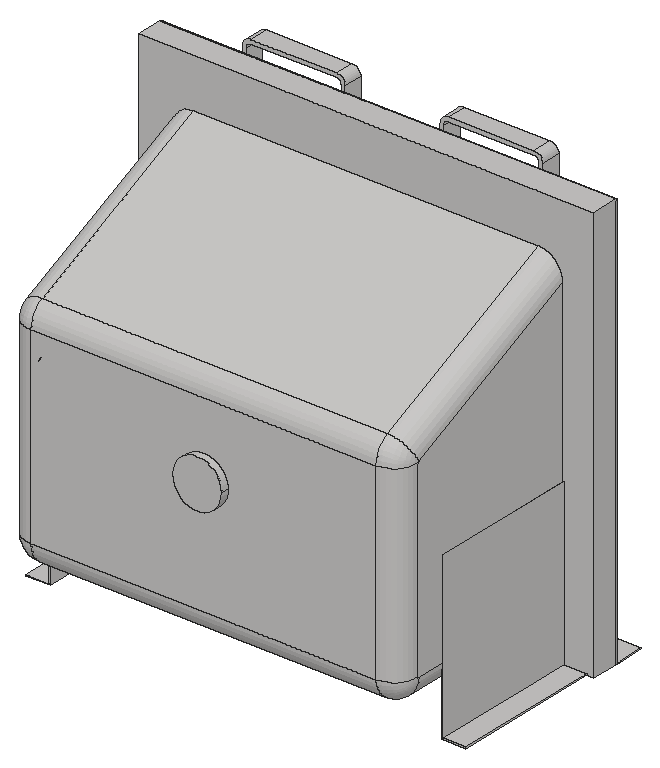
Revit family "PRD_AR_JntrlUnits_SiriusMultiPurposeSink_LTJ450,LTJ500", category Plumbing Fixtures, host Face, Revit 2018
Family settings
  Host = Face
  Round Connector Dimension = Use Diameter
  Part Type = Normal
  OmniClass Number = 23.45.05.14.14
  OmniClass Title = Sinks/Lavatories
  Cut with Voids When Loaded = No
  Shared = No
  Room Calculation Point = No
Parameters (values of type "LTJ450")
  WaterSupplyOverflowAndWasteHolesWaterSupply = "No tapholes"
  WaterSupplyOverflowAndWasteHolesWaste = "Center-Center"
  WaterSupplyOverflowAndWasteHolesOverflow = "Yes"
  WasteSize = 40.00 mm
  WarrantyStartDate [instance] = "1900-12-31T23:59:59"
  WarrantyGuarantorParts = "n/a"
  WarrantyGuarantorLabor = "n/a"
  WarrantyDurationUnit = "year"
  WarrantyDurationParts = "n/a"
  WarrantyDurationLabor = "n/a"
  WarrantyDescription = "n/a"
  Version = "1"
  Uniclass2015Version = "Products v1.10"
  Uniclass2015Title = "Janitorial sinks"
  Uniclass2015Code = "Pr_40_20_96_44"
  URL = "www.kwc.com"
  TypeOfSink = LTJ450 : LTJ450
  TagNumber [instance] = "n/a"
  SustainabilityPerformance = "n/a"
  Size = "470 x 430 x 270 mm"
  SinkType = "Other"
  SinkMounting = "WallHung"
  SinkMaterial = PRD_AR_StainlessSteel_SatinFinished
  Shape = "Rectangular"
  SerialNumber [instance] = "n/a"
  Revision = "n/a"
  ReplacementCost = "n/a"
  ProductInformation = "https://pim.kwc.com/product/2000057085/attachment/datasheet?locale=en"
  OutletSize = "DN 40 (1 1/2 inch.)"
  Options = "n/a"
  NominalWidth = 470 mm
  NominalHeight = 270 mm
  NominalDepth = 430 mm
  NetWeight = 4.40 kg
  Name = "Sirius multi purpose sink LTJ450"
  NBSTypeID = "n/a"
  NBSReference = "45-35-70/401"
  NBSOfficeMasterTag = "n/a"
  NBSNote = "n/a"
  NBSDescription = "Janitorial units"
  NBSCertification = "n/a"
  ModelReference = "LTJ450"
  ModelNumber = "2000057085"
  Model = ModelReference  # "LTJ450"
  Material = "Stainless steel"
  ManufacturerURL = "www.kwc.com"
  ManufacturerName = "KWC Group AG"  # constant formula
  Manufacturer = ManufacturerName  # "KWC Group AG"
  IntegralAccessories = "incl. stainless steel screws and dowels"
  InstallationDate [instance] = "1900-12-31T23:59:59"
  IfcExportType = "SINK"
  IfcExportAs = "IfcSanitaryTerminalType"
  HingedGrateZSIRX001 = yes
  GrossWeight = 5.10 kg
  Grade = "n/a"
  Form = "Stainless steel multi purpose sink"
  FinishAndMaterial = "Stainless steel 1.4301"
  Finish = "Satin finished"
  Features = "stainless steel, 0.90 mm, satin finished, wall mounting, 470x270x430 mm (WxHxD)"
  ExpectedLife = "n/a"
  DurationUnit = "year"
  DrainSize = "DN 40 (1 1/2 inch.)"
  Description = "General purpose utility sink for wall mounting, stainless steel, surface satin finished, material thickness 0.9 mm, front panel with riffle, 1 1/2 centric plug waste, with overflow, 30 mm rear upstand, prewelded mounting brackets, incl. stainless steel screws and dowels. Optinally available hinged grid Z-SIRX001: loosely attached - for side mount."
  Default Elevation = 850 mm
  CreateOn = "11/2018"  # constant formula
  Constituents = "n/a"
  ConnectingDimensions = "n/a"
  Color = "Stainless steel"
  CodePerformance = "n/a"
  Category = "Pr_40_20_96_44, Janitorial sinks"
  BarCode [instance] = "n/a"
  BIMObjectName = "PRD_AR_JanitorialUnits_SiriusMultiPurposeSink_LTJ450"
  Author = "Archispace"  # constant formula
  AssetType = "Fixed"
  AssetIdentifier [instance] = "n/a"
  AccessibilityPerformance = "n/a"
Types (2, lengths in mm): name | TypeOfSink | Size | ProductInformation | NominalWidth | NominalDepth | NetWeight | Name | ModelReference | ModelNumber | Model | HingedGrateZSIRX001 | GrossWeight | Features | Description | BIMObjectName
  LTJ450 | LTJ450 : LTJ450 | "470 x 430 x 270 mm" | "https://pim.kwc.com/product/2000057085/attachment/datasheet?locale=en" | 470 | 430 | 4.40 kg | "Sirius multi purpose sink LTJ450" | "LTJ450" | "2000057085" | "LTJ450" | yes | 5.10 kg | "stainless steel, 0.90 mm, satin finished, wall mounting, 470x270x430 mm (WxHxD)" | "General purpose utility sink for wall mounting, stainless steel, surface satin finished, material thickness 0.9 mm, front panel with riffle, 1 1/2 centric plug waste, with overflow, 30 mm rear upstand, prewelded mounting brackets, incl. stainless steel screws and dowels. Optinally available hinged grid Z-SIRX001: loosely attached - for side mount." | "PRD_AR_JanitorialUnits_SiriusMultiPurposeSink_LTJ450"
  LTJ500 | LTJ500 : LTJ500 | "520 x 490 x 270 mm" | "https://pim.kwc.com/product/2000057087/attachment/datasheet?locale=en" | 520 | 490 | 4.90 kg | "Sirius multi purpose sink LTJ500" | "LTJ500" | "2000057087" | "LTJ500" | no | 5.60 kg | "stainless steel, 0.90 mm, satin finished, wall mounting, 520x270x490 mm (WxHxD)" | "General purpose utility sink for wall mounting, stainless steel, surface satin finished, material thickness 0.9 mm, front panel with riffle, 1 1/2 centric plug waste, with overflow, 30 mm rear upstand, prewelded mounting brackets, incl. stainless steel screws and dowels." | "PRD_AR_JanitorialUnits_SiriusMultiPurposeSink_LTJ500"
Reference planes
  plane 1 "Center (Front/Back)": y = 0
  plane 2: z = 0
  plane 3 "Center (Left/Right)": x = 0
Dimensions and locks
  aligned and locked: plane 2 to host face
  aligned and locked: level to host face
Nested families
  nested 1: "PRD_AR_JntrlUnits_SiriusHingedGrate_ZSIRX001" at (0, 0, 18) x (1, 0, 0) z (0, 1, 0), visible <- "HingedGrateZSIRX001", type "ZSIRX001", detail levels fine
    with WarrantyStartDate "1900-12-31T23:59:59", TagNumber "n/a", SerialNumber "n/a", InstallationDate "1900-12-31T23:59:59", BarCode "n/a", AssetIdentifier "n/a"
  nested 2: "LTJ450" at (0, -2.248, 0) x (1, 0, 0) z (0, 1, 0), type <- "TypeOfSink", type "LTJ450"
  nested 3: "PRD_AR_JntrlUnits_SiriusAssemblyHingedGrate_ZSIRX004" at (-4.575, 0, 221) x (1, 0, 0) z (0, 1, 0), type "ZSIRX004"
    with WarrantyStartDate "1900-12-31T23:59:59", TagNumber "n/a", SerialNumber "n/a", InstallationDate "1900-12-31T23:59:59", BarCode "n/a", AssetIdentifier "n/a"
Connectors
  piping at (0, -248, 192.5), diameter 40, driven by "WasteSize", driven by "DrainSize"
    settings: on nested 2, index 1, connector inside diameter 609.60 mm, connector length 0 mm, flow factor 0, pipe flow 0.0 L/s, pressure drop 0.0 Pa, fitting loss kfactor 0, connector angle 0.00°, fixture units 0, engagement length 0 mm, angle of deflection 0.00°, flow configuration 2, flow direction 2, fitting loss method 0, system type 16, joint type 0, gender type 0, connector reference index -1, connector utility 0, adjustable connector no, is connector primary yes, connector description "DN 40 (1 1/2 inch.)"
Definition of nested family "PRD_AR_JntrlUnits_SiriusHingedGrate_ZSIRX001"
  Parameters (values of type "ZSIRX001")
    WarrantyStartDate [instance] = "1900-12-31T23:59:59"
    WarrantyGuarantorParts = "n/a"
    WarrantyGuarantorLabor = "n/a"
    WarrantyDurationUnit = "year"
    WarrantyDurationParts = "n/a"
    WarrantyDurationLabor = "n/a"
    WarrantyDescription = "n/a"
    Version = "1"
    Uniclass2015Version = "Products v1.5"
    Uniclass2015Title = "Janitorial sinks"
    Uniclass2015Code = "Pr_40_20_96_44"
    URL = "www.kwc.com"
    TagNumber [instance] = "n/a"
    SustainabilityPerformance = "n/a"
    Style = "Hinged grate"
    Size = "25 x 310 x 430 mm"
    Shape = "n/a"
    SerialNumber [instance] = "n/a"
    Revision = "n/a"
    ReplacementCost = "n/a"
    ProductInformation = "https://pim.kwc.com/product/2000102678/attachment/datasheet?locale=en"
    NominalWidth = 0 mm
    NominalLength = 430 mm
    NominalHeight = 0 mm
    NominalDepth = 310 mm
    NetWeight = 1.60 kg
    Name = "Sirius hinged grate ZSIRX001"
    NBSTypeID = "n/a"
    NBSReference = "45-35-70/401"
    NBSOfficeMasterTag = "n/a"
    NBSNote = "n/a"
    NBSDescription = "Janitorial units"
    NBSCertification = "n/a"
    ModelReference = "ZSIRX001"
    ModelNumber = "2000102678"
    Model = ModelReference  # "ZSIRX001"
    Material = "stainless steel 1.4301"
    ManufacturerURL = "www.kwc.com"
    ManufacturerName = "KWC Group AG"  # constant formula
    Manufacturer = ManufacturerName  # "KWC Group AG"
    MainColor = "stainless steel"
    InstallationDate [instance] = "1900-12-31T23:59:59"
    IfcExportType = "NOTDEFINED"
    IfcExportAs = "IfcFurnitureType"
    GrossWeight = 4.00 kg
    GrateMaterial = none
    Grade = "n/a"
    Finish = "satin finished"
    Features = "stainless steel, 4.00 mm, satin finished, bolt mounting, 25x310x430 mm (WxHxD)"
    ExpectedLife = "n/a"
    DurationUnit = "year"
    Description = "Hinged grate (unfixed) of stainless steel to BS313, BS314, LTJ450 and CA210."
    Constituents = "n/a"
    Color = "stainless steel"
    CodePerformance = "n/a"
    Category = "Pr_40_20_96_44, Janitorial sinks"
    BarCode [instance] = "n/a"
    BIMObjectName = "PRD_AR_JanitorialUnits_SiriusHingedGrate_ZSIRX001"
    Author = "Archispace"  # constant formula
    AssetType = "Fixed"
    AssetIdentifier [instance] = "n/a"
    AccessibilityPerformance = "n/a"
  Reference planes
    plane 1 "Center (Front/Back)": y = 0
    plane 2: z = 0
    plane 3 "Center (Left/Right)": x = 0
  Forms (mm)
    Extrusion 1, solid, material <- "GrateMaterial"
      sketch origin (0, 0, 0) x (1, 0, 0) y (0, 1, 0)
        loop
          arc (-155, -414) -> (-152.364, -420.364) -> (-146, -423) r 9
          line (-146, -423) -> (-58, -423)
          arc (-58, -423) -> (-51.636, -420.364) -> (-49, -414) r 9
          line (-49, -414) -> (-49, -337) -> (49, -337) -> (49, -414)
          arc (49, -414) -> (51.636, -420.364) -> (58, -423) r 9
          line (58, -423) -> (146, -423)
          arc (146, -423) -> (152.364, -420.364) -> (155, -414) r 9
          line (155, -414) -> (155, 4) -> (155, 7) -> (151, 7) -> (151, -233) -> (53, -233) -> (53, 7) -> (49, 7) -> (49, -333) -> (-49, -333) -> (-49, 7) -> (-53, 7) -> (-53, -233) -> (-151, -233) -> (-151, 7) -> (-155, 7) -> (-155, -414)
        loop
          arc (-58, -419) -> (-54.464, -417.536) -> (-53, -414) r 5
          line (-53, -414) -> (-53, -237) -> (-151, -237) -> (-151, -414)
          arc (-151, -414) -> (-149.536, -417.536) -> (-146, -419) r 5
          line (-146, -419) -> (-58, -419)
        loop
          arc (146, -419) -> (149.536, -417.536) -> (151, -414) r 5
          line (151, -414) -> (151, -237) -> (53, -237) -> (53, -414)
          arc (53, -414) -> (54.464, -417.536) -> (58, -419) r 5
          line (58, -419) -> (146, -419)
      from 4 to 24
    Extrusion 2, solid, material <- "GrateMaterial", detail levels fine
      sketch origin (0, 0, 0) x (0, 1, 0) y (0, 0, 1)
        loop
          circle (0, 12) r 4
      from -151 to 151
    Extrusion 3, solid, material <- "GrateMaterial", detail levels fine
      sketch origin (0, 0, 0) x (1, 0, 0) y (0, 1, 0)
        loop
          circle (-140, 0) r 8
        loop
          circle (140, 0) r 8
      from 0 to 17
  Dimensions and locks
    aligned and locked: level to plane 2
  Nested families
    nested 1: "PRD_AR_JntrlUnits_SiriusAssemblyHingedGrate_ZSIRX004" at (-4.575, -203, 0), type "ZSIRX004"
      with WarrantyStartDate "1900-12-31T23:59:59", TagNumber "n/a", SerialNumber "n/a", InstallationDate "1900-12-31T23:59:59", BarCode "n/a", AssetIdentifier "n/a"
  Definition of nested family "PRD_AR_JntrlUnits_SiriusAssemblyHingedGrate_ZSIRX004"
    Parameters (values of type "ZSIRX004")
      WarrantyStartDate [instance] = "1900-12-31T23:59:59"
      WarrantyGuarantorParts = "n/a"
      WarrantyGuarantorLabor = "n/a"
      WarrantyDurationUnit = "year"
      WarrantyDurationParts = "n/a"
      WarrantyDurationLabor = "n/a"
      WarrantyDescription = "n/a"
      Version = "1"
      Uniclass2015Version = "Products v1.5"
      Uniclass2015Title = "Janitorial sinks"
      Uniclass2015Code = "Pr_40_20_96_44"
      URL = "www.kwc.com"
      TagNumber [instance] = "n/a"
      SustainabilityPerformance = "n/a"
      Style = "Assembly hinged grate"
      Size = "n/a"
      Shape = "n/a"
      SerialNumber [instance] = "n/a"
      Revision = "n/a"
      ReplacementCost = "n/a"
      ProductInformation = "https://pim.kwc.com/product/2000102679/attachment/datasheet?locale=en"
      NominalWidth = 0 mm
      NominalLength = 0 mm
      NominalHeight = 0 mm
      NominalDepth = 0 mm
      NetWeight = 0.00 kg
      Name = "Sirius assembly hinged grate ZSIRX004"
      NBSTypeID = "n/a"
      NBSReference = "45-35-70/401"
      NBSOfficeMasterTag = "n/a"
      NBSNote = "n/a"
      NBSDescription = "Janitorial units"
      NBSCertification = "n/a"
      ModelReference = "ZSIRX004"
      ModelNumber = "2000102679"
      Model = ModelReference  # "ZSIRX004"
      Material = "n/a"
      ManufacturerURL = "www.kwc.com"
      ManufacturerName = "KWC Group AG"  # constant formula
      Manufacturer = ManufacturerName  # "KWC Group AG"
      MainColor = "n/a"
      InstallationDate [instance] = "1900-12-31T23:59:59"
      IfcExportType = "NOTDEFINED"
      IfcExportAs = "IfcFurnitureType"
      GrossWeight = 0.00 kg
      Grade = "n/a"
      Finish = "n/a"
      Features = "assembly hinged grate"
      ExpectedLife = "n/a"
      DurationUnit = "year"
      Description = "Surcharge assembly hinged grate."
      Constituents = "n/a"
      Color = "n/a"
      CodePerformance = "n/a"
      Category = "Pr_40_20_96_44, Janitorial sinks"
      BarCode [instance] = "n/a"
      BIMObjectName = "PRD_AR_JanitorialUnits_SiriusAssemblyHingedGrate_ZSIRX004"
      Author = "Archispace"  # constant formula
      AssetType = "Fixed"
      AssetIdentifier [instance] = "n/a"
      AccessibilityPerformance = "n/a"
    Reference planes
      plane 1 "Center (Front/Back)": y = 0
      plane 2: z = 0
      plane 3 "Center (Left/Right)": x = 0
    Dimensions and locks
      aligned and locked: level to plane 2
Definition of nested family "LTJ450"
  Parameters (values of type "LTJ450")
    Material = none
    Default Elevation = 0 mm
  Reference planes
    plane 1 "Center (Front/Back)": y = 0
    plane 2: z = 2.248
    plane 3 "Center (Left/Right)": x = 0
  Forms (mm)
    Extrusion 1, solid, material <- "Material", detail levels fine
      sketch origin (0, 0, 0) x (0, 1, 0) y (0, 0, 1)
        loop
          arc (-291.136, -222.918) -> (-281.912, -233.648) -> (-268.341, -237.652) r 25
          line (-268.341, -237.652) -> (-70.5, -237.652)
          arc (-70.5, -237.652) -> (-52.822, -230.33) -> (-45.5, -212.652) r 25
          line (-45.5, -212.652) -> (-45.5, -27.752) -> (-379.037, -27.752) -> (-291.136, -222.918)
      from -202 to 202
    Sweep 2, void
      path in 3D
        loop
          line (-202, -45.5, -27.752) -> (-202, -45.5, -212.652)
          arc (-202, -45.5, -212.652) -> (-202, -52.822, -230.33) -> (-202, -70.5, -237.652) r 25
          line (-202, -70.5, -237.652) -> (-202, -268.341, -237.652)
          arc (-202, -268.341, -237.652) -> (-202, -281.912, -233.648) -> (-202, -291.136, -222.918) r 25
          line (-202, -291.136, -222.918) -> (-202, -379.037, -27.752)
      profile origin (-202, -45.5, -120.202) x (-1, 0, 0) y (0, -1, 0)
        loop
          line (0, 0) -> (0, 24)
          arc (0, 24) -> (-7.029, 7.029) -> (-24, 0) r 24
          line (-24, 0) -> (0, 0)
    Sweep 3, void
      path in 3D
        loop
          line (202, -379.037, -27.752) -> (202, -291.136, -222.918)
          arc (202, -291.136, -222.918) -> (202, -281.912, -233.648) -> (202, -268.341, -237.652) r 25
          line (202, -268.341, -237.652) -> (202, -70.5, -237.652)
          arc (202, -70.5, -237.652) -> (202, -52.822, -230.33) -> (202, -45.5, -212.652) r 25
          line (202, -45.5, -212.652) -> (202, -45.5, -27.752)
      profile origin (202, -45.5, -120.202) x (0, -1, 0) y (1, 0, 0)
        loop
          line (0, 0) -> (0, -24)
          arc (0, -24) -> (7.029, -7.029) -> (24, 0) r 24
          line (24, 0) -> (0, 0)
    Extrusion 4, solid, material <- "Material", detail levels fine
      sketch origin (0, 0, 0) x (0, 1, 0) y (0, 0, 1)
        loop
          line (-430, 2.248) -> (-430, -27.752) -> (0, -27.752) -> (0, 2.248) -> (-430, 2.248)
      from -235 to 235
    Blend 5, void
      base sketch origin (0, 0, 2.248) x (1, 0, 0) y (0, 1, 0)
        loop
          arc (-200.5, -337) -> (-185.709, -372.709) -> (-150, -387.5) r 50.5
          line (-150, -387.5) -> (150, -387.5)
          arc (150, -387.5) -> (185.709, -372.709) -> (200.5, -337) r 50.5
          line (200.5, -337) -> (200.5, -97)
          arc (200.5, -97) -> (185.709, -61.291) -> (150, -46.5) r 50.5
          line (150, -46.5) -> (-150, -46.5)
          arc (-150, -46.5) -> (-185.709, -61.291) -> (-200.5, -97) r 50.5
          line (-200.5, -97) -> (-200.5, -337)
      top sketch origin (0, 0, 2.248) x (1, 0, 0) y (0, 1, 0)
        loop
          arc (125, -272.5) -> (160.709, -257.709) -> (175.5, -222) r 50.5
          line (175.5, -222) -> (175.5, -122)
          arc (175.5, -122) -> (160.709, -86.291) -> (125, -71.5) r 50.5
          line (125, -71.5) -> (-125, -71.5)
          arc (-125, -71.5) -> (-160.709, -86.291) -> (-175.5, -122) r 50.5
          line (-175.5, -122) -> (-175.5, -222)
          arc (-175.5, -222) -> (-160.709, -257.709) -> (-125, -272.5) r 50.5
          line (-125, -272.5) -> (125, -272.5)
      from 0 to -237.21
    Sweep 6, void
      path in 3D
        loop
          line (235, 0, 2.248) -> (235, -430, 2.248) -> (-235, -430, 2.248) -> (-235, 0, 2.248)
      profile origin (0, -430, 2.248) x (0, -1, 0) y (0, 0, 1)
        loop
          line (0, 0) -> (-2, 0)
          arc (-2, 0) -> (-0.586, -0.586) -> (0, -2) r 2
          line (0, -2) -> (0, 0)
    Extrusion 7, solid, material <- "Material", detail levels medium+fine
      sketch origin (0, 0, 0) x (1, 0, 0) y (0, 0, 1)
        loop
          line (-235, 2.248) -> (235, 2.248) -> (235, 32.248) -> (-235, 32.248) -> (-235, 2.248)
      from 0 to 1
    Extrusion 8, solid, material <- "Material"
      sketch origin (0, 0, 2.248) x (1, 0, 0) y (0, 1, 0)
        loop
          circle (0, -192.5) r 25
      from -235.959 to -248
    Extrusion 9, solid, material <- "Material", detail levels fine
      sketch origin (0, 0, 2.248) x (1, 0, 0) y (0, 1, 0)
        loop
          line (-202, 0) -> (-227, 0) -> (-227, -1.2) -> (-203.2, -1.2) -> (-203.2, -170) -> (-202, -170) -> (-202, 0)
        loop
          line (202, 0) -> (202, -170) -> (203.2, -170) -> (203.2, -1.2) -> (227, -1.2) -> (227, 0) -> (202, 0)
      from -30 to -185
    Extrusion 10, solid, material <- "Material", detail levels medium
      sketch origin (0, 0, 0) x (0, 1, 0) y (0, 0, 1)
        loop
          line (-284.5, -237.652) -> (-45.5, -237.652) -> (-45.5, -27.752) -> (-379.037, -27.752) -> (-284.5, -237.652)
      from -202 to 202
    Extrusion 11, solid, material <- "Material", detail levels medium
      sketch origin (0, 0, 0) x (0, 1, 0) y (0, 0, 1)
        loop
          line (0, -27.752) -> (0, 2.248) -> (-430, 2.248) -> (-430, -27.752) -> (0, -27.752)
      from -235 to 235
    Blend 12, void
      base sketch origin (0, 0, 2.248) x (1, 0, 0) y (0, 1, 0)
        loop
          arc (-200.5, -337) -> (-185.709, -372.709) -> (-150, -387.5) r 50.5
          line (-150, -387.5) -> (150, -387.5)
          arc (150, -387.5) -> (185.709, -372.709) -> (200.5, -337) r 50.5
          line (200.5, -337) -> (200.5, -97)
          arc (200.5, -97) -> (185.709, -61.291) -> (150, -46.5) r 50.5
          line (150, -46.5) -> (-150, -46.5)
          arc (-150, -46.5) -> (-185.709, -61.291) -> (-200.5, -97) r 50.5
          line (-200.5, -97) -> (-200.5, -337)
      top sketch origin (0, 0, 2.248) x (1, 0, 0) y (0, 1, 0)
        loop
          arc (125, -272.5) -> (160.709, -257.709) -> (175.5, -222) r 50.5
          line (175.5, -222) -> (175.5, -122)
          arc (175.5, -122) -> (160.709, -86.291) -> (125, -71.5) r 50.5
          line (125, -71.5) -> (-125, -71.5)
          arc (-125, -71.5) -> (-160.709, -86.291) -> (-175.5, -122) r 50.5
          line (-175.5, -122) -> (-175.5, -222)
          arc (-175.5, -222) -> (-160.709, -257.709) -> (-125, -272.5) r 50.5
          line (-125, -272.5) -> (125, -272.5)
      from 0 to -237.21
    Extrusion 13, solid, material <- "Material", detail levels coarse
      sketch origin (0, 0, 0) x (0, 1, 0) y (0, 0, 1)
        loop
          line (-45.5, -237.652) -> (-45.5, -27.752) -> (-379.037, -27.752) -> (-284.5, -237.652) -> (-45.5, -237.652)
      from -202 to 202
    Extrusion 14, solid, material <- "Material", detail levels coarse
      sketch origin (0, 0, 0) x (0, 1, 0) y (0, 0, 1)
        loop
          line (0, -27.752) -> (0, 2.248) -> (-430, 2.248) -> (-430, -27.752) -> (0, -27.752)
      from -235 to 235
    Extrusion 15, void
      sketch origin (0, 0, 0) x (1, 0, 0) y (0, 0, 1)
        loop
          line (-12.5, -31.402) -> (-12.5, -45.902)
          arc (-12.5, -45.902) -> (-9, -49.402) -> (-5.5, -45.902) r 3.5
          line (-5.5, -45.902) -> (-5.5, -31.402)
          arc (-5.5, -31.402) -> (-9, -27.902) -> (-12.5, -31.402) r 3.5
        loop
          line (5.5, -31.402) -> (5.5, -45.902)
          arc (5.5, -45.902) -> (9, -49.402) -> (12.5, -45.902) r 3.5
          line (12.5, -45.902) -> (12.5, -31.402)
          arc (12.5, -31.402) -> (9, -27.902) -> (5.5, -31.402) r 3.5
        loop
          line (-22.5, -31.402) -> (-22.5, -45.902)
          arc (-22.5, -45.902) -> (-19, -49.402) -> (-15.5, -45.902) r 3.5
          line (-15.5, -45.902) -> (-15.5, -31.402)
          arc (-15.5, -31.402) -> (-19, -27.902) -> (-22.5, -31.402) r 3.5
        loop
          line (15.5, -31.402) -> (15.5, -45.902)
          arc (15.5, -45.902) -> (19, -49.402) -> (22.5, -45.902) r 3.5
          line (22.5, -45.902) -> (22.5, -31.402)
          arc (22.5, -31.402) -> (19, -27.902) -> (15.5, -31.402) r 3.5
      from 48.386 to 54.219
  Cuts and joins
    Sweep 2, Sweep 3, Blend 5, Sweep 6, Extrusion 15 cuts Extrusion 1
    Blend 5, Sweep 6 cuts Extrusion 4
    joined: Extrusion 1, Extrusion 4
    Blend 12 cuts Extrusion 10
    Blend 12 cuts Extrusion 11
    joined: Extrusion 10, Extrusion 11
    joined: Extrusion 13, Extrusion 14
  Lines and regions (mm)
    sketch lines
      curve 1: line (-202, -45.5, -27.752) -> (-202, -45.5, -212.652)
      curve 2: arc (-202, -70.5, -237.652) -> (-202, -52.822, -230.33) -> (-202, -45.5, -212.652) r 25
      curve 3: line (-202, -70.5, -237.652) -> (-202, -268.341, -237.652)
      curve 4: arc (-202, -291.136, -222.918) -> (-202, -281.912, -233.648) -> (-202, -268.341, -237.652) r 25
      curve 5: line (-202, -291.136, -222.918) -> (-202, -379.037, -27.752)
      curve 6: line (202, -45.5, -212.652) -> (202, -45.5, -27.752)
      curve 7: arc (202, -45.5, -212.652) -> (202, -52.822, -230.33) -> (202, -70.5, -237.652) r 25
      curve 8: line (202, -268.341, -237.652) -> (202, -70.5, -237.652)
      curve 9: arc (202, -268.341, -237.652) -> (202, -281.912, -233.648) -> (202, -291.136, -222.918) r 25
      curve 10: line (202, -379.037, -27.752) -> (202, -291.136, -222.918)
      curve 11: line (235, -430, 2.248) -> (-235, -430, 2.248)
      curve 12: line (235, 0, 2.248) -> (235, -430, 2.248)
      curve 13: line (-235, -430, 2.248) -> (-235, 0, 2.248)
    model lines, detail levels coarse
      curve 14: line (-200.5, -337, 2.248) -> (-200.5, -97, 2.248)
      curve 15: arc (-200.5, -97, 2.248) -> (-185.709, -61.291, 2.248) -> (-150, -46.5, 2.248) r 50.5
      curve 16: line (-150, -46.5, 2.248) -> (150, -46.5, 2.248)
      curve 17: arc (150, -46.5, 2.248) -> (185.709, -61.291, 2.248) -> (200.5, -97, 2.248) r 50.5
      curve 18: line (200.5, -97, 2.248) -> (200.5, -337, 2.248)
      curve 19: arc (200.5, -337, 2.248) -> (185.709, -372.709, 2.248) -> (150, -387.5, 2.248) r 50.5
      curve 20: line (150, -387.5, 2.248) -> (-150, -387.5, 2.248)
      curve 21: arc (-150, -387.5, 2.248) -> (-185.709, -372.709, 2.248) -> (-200.5, -337, 2.248) r 50.5
  Dimensions and locks
    aligned and locked: level to plane 2
Definition of nested family "PRD_AR_JntrlUnits_SiriusAssemblyHingedGrate_ZSIRX004"
  Parameters (values of type "ZSIRX004")
    WarrantyStartDate [instance] = "1900-12-31T23:59:59"
    WarrantyGuarantorParts = "n/a"
    WarrantyGuarantorLabor = "n/a"
    WarrantyDurationUnit = "year"
    WarrantyDurationParts = "n/a"
    WarrantyDurationLabor = "n/a"
    WarrantyDescription = "n/a"
    Version = "1"
    Uniclass2015Version = "Products v1.5"
    Uniclass2015Title = "Janitorial sinks"
    Uniclass2015Code = "Pr_40_20_96_44"
    URL = "www.kwc.com"
    TagNumber [instance] = "n/a"
    SustainabilityPerformance = "n/a"
    Style = "Assembly hinged grate"
    Size = "n/a"
    Shape = "n/a"
    SerialNumber [instance] = "n/a"
    Revision = "n/a"
    ReplacementCost = "n/a"
    ProductInformation = "https://pim.kwc.com/product/2000102679/attachment/datasheet?locale=en"
    NominalWidth = 0 mm
    NominalLength = 0 mm
    NominalHeight = 0 mm
    NominalDepth = 0 mm
    NetWeight = 0.00 kg
    Name = "Sirius assembly hinged grate ZSIRX004"
    NBSTypeID = "n/a"
    NBSReference = "45-35-70/401"
    NBSOfficeMasterTag = "n/a"
    NBSNote = "n/a"
    NBSDescription = "Janitorial units"
    NBSCertification = "n/a"
    ModelReference = "ZSIRX004"
    ModelNumber = "2000102679"
    Model = ModelReference  # "ZSIRX004"
    Material = "n/a"
    ManufacturerURL = "www.kwc.com"
    ManufacturerName = "KWC Group AG"  # constant formula
    Manufacturer = ManufacturerName  # "KWC Group AG"
    MainColor = "n/a"
    InstallationDate [instance] = "1900-12-31T23:59:59"
    IfcExportType = "NOTDEFINED"
    IfcExportAs = "IfcFurnitureType"
    GrossWeight = 0.00 kg
    Grade = "n/a"
    Finish = "n/a"
    Features = "assembly hinged grate"
    ExpectedLife = "n/a"
    DurationUnit = "year"
    Description = "Surcharge assembly hinged grate."
    Constituents = "n/a"
    Color = "n/a"
    CodePerformance = "n/a"
    Category = "Pr_40_20_96_44, Janitorial sinks"
    BarCode [instance] = "n/a"
    BIMObjectName = "PRD_AR_JanitorialUnits_SiriusAssemblyHingedGrate_ZSIRX004"
    Author = "Archispace"  # constant formula
    AssetType = "Fixed"
    AssetIdentifier [instance] = "n/a"
    AccessibilityPerformance = "n/a"
  Reference planes
    plane 1 "Center (Front/Back)": y = 0
    plane 2: z = 0
    plane 3 "Center (Left/Right)": x = 0
  Dimensions and locks
    aligned and locked: level to plane 2
